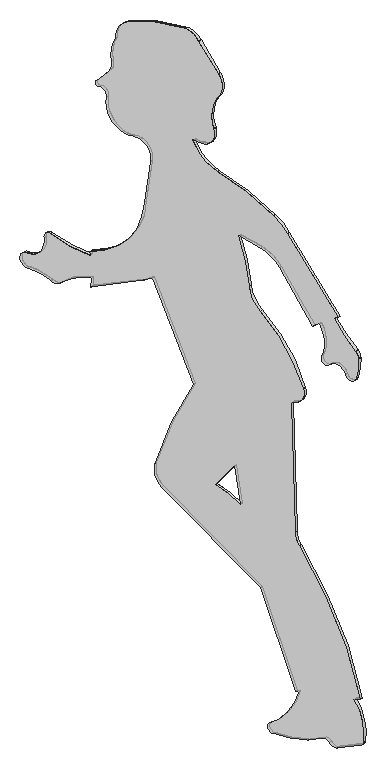
Revit family "ADSK_Антураж_БегущийРебенок", category Антураж, Revit 2019
Family settings
  На основе рабочей плоскости = Нет
  Всегда вертикально = Да
  При загрузке вырезать с полостями = Нет
  Источник визуального образа = Геометрия семейства
  Общий = Нет
  Точка расчета площади = Нет
Parameters (values of type "Тип")
  Показать чертеж [instance] = yes
  Высота = 0 mm
  Материал = Антураж
  ADSK_Версия семейства = "1.0"  # constant formula
  ADSK_Версия Revit = "v2019"  # constant formula
Reference planes
  plane 1 "Center (Front/Back)": y = 0
  plane 2: z = 0
  plane 3 "Center (Left/Right)": x = 0
  plane 4: z = 1600
  plane 5: z = 1800
Forms (mm)
  Extrusion 1, solid, material "Антураж" <- "Материал"
    sketch origin (0, 0, 0) x (1, 0, 0) y (0, 0, 1)
      loop
        arc (75.073, 329.082) -> (75.081, 431.401) -> (67.746, 533.457) r 1424.919
        arc (67.746, 533.457) -> (73.532, 535.797) -> (79.299, 538.185) r 753.081
        arc (79.299, 538.185) -> (89.571, 548.74) -> (89.54, 563.468) r 19.513
        arc (89.54, 563.468) -> (58.41, 617.357) -> (13.022, 659.937) r 212.822
        arc (13.022, 659.937) -> (-0.552, 674.356) -> (-7.123, 693.04) r 47.815
        arc (-7.123, 693.04) -> (-14.329, 730.406) -> (-26.017, 766.622) r 312.749
        line (-26.017, 766.622) -> (12.234, 760.328)
        arc (12.234, 760.328) -> (30.884, 753.692) -> (46.032, 740.951) r 55.668
        line (46.032, 740.951) -> (106.303, 668.334)
        arc (106.303, 668.334) -> (111.912, 672.438) -> (117.573, 676.47) r 544.351
        arc (117.573, 676.47) -> (126.558, 652.279) -> (121.879, 626.9) r 48.552
        arc (121.879, 626.9) -> (124.655, 616.216) -> (135.647, 617.244) r 8.517
        arc (135.647, 617.244) -> (151.16, 622.318) -> (163.727, 611.902) r 16.897
        arc (163.727, 611.902) -> (173.609, 605.24) -> (183.36, 612.089) r 10.509
        arc (183.36, 612.089) -> (187.391, 628.454) -> (187.978, 645.299) r 81.681
        arc (187.978, 645.299) -> (186.338, 651.13) -> (182.504, 655.816) r 14.823
        arc (182.504, 655.816) -> (162.242, 673.82) -> (144.164, 694.014) r 237.569
        arc (144.164, 694.014) -> (147.872, 696.288) -> (151.599, 698.532) r 544.351
        line (151.599, 698.532) -> (60.985, 800.782)
        arc (60.985, 800.782) -> (49.394, 811.655) -> (36.007, 820.222) r 86.366
        arc (36.007, 820.222) -> (-12.689, 841.38) -> (-63.784, 855.818) r 395.11
        arc (-63.784, 855.818) -> (-89.869, 868.074) -> (-107.556, 890.829) r 61.783
        arc (-107.556, 890.829) -> (-97.175, 890.254) -> (-86.838, 891.381) r 63.502
        arc (-86.838, 891.381) -> (-71.594, 902.581) -> (-70.37, 921.457) r 22.386
        arc (-70.37, 921.457) -> (-73.379, 949.621) -> (-61.744, 975.446) r 54.089
        arc (-61.744, 975.446) -> (-55.295, 994.167) -> (-62.659, 1012.549) r 28.374
        arc (-62.659, 1012.549) -> (-79.936, 1032.238) -> (-96.723, 1052.346) r 1063.134
        arc (-96.723, 1052.346) -> (-109.103, 1061.654) -> (-124.36, 1064.328) r 33.176
        arc (-124.36, 1064.328) -> (-175.325, 1056.095) -> (-223.92, 1038.664) r 280.593
        arc (-223.92, 1038.664) -> (-239.974, 1024.516) -> (-245.824, 1003.931) r 37.954
        arc (-245.824, 1003.931) -> (-253.249, 985.521) -> (-252.813, 965.674) r 49.314
        arc (-252.813, 965.674) -> (-253.027, 956.066) -> (-257.771, 947.708) r 19.657
        line (-257.771, 947.708) -> (-279.865, 924.872)
        arc (-279.865, 924.872) -> (-280.52, 919.099) -> (-275.109, 916.987) r 4.763
        arc (-275.109, 916.987) -> (-264.977, 914.617) -> (-261.758, 904.723) r 10.595
        arc (-261.758, 904.723) -> (-250.422, 868.618) -> (-213.856, 858.873) r 39.246
        arc (-213.856, 858.873) -> (-190.695, 852.688) -> (-183.549, 829.806) r 24.838
        arc (-183.549, 829.806) -> (-189.514, 795.741) -> (-193.597, 761.4) r 628.254
        arc (-193.597, 761.4) -> (-214.903, 702.611) -> (-262.574, 662.145) r 121.785
        line (-262.574, 662.145) -> (-290.883, 648.672)
        arc (-290.883, 648.672) -> (-290.462, 645.889) -> (-290.076, 643.101) r 230.127
        arc (-290.076, 643.101) -> (-325.885, 644.412) -> (-360.824, 652.366) r 191.625
        arc (-360.824, 652.366) -> (-369.571, 650.642) -> (-372.591, 642.254) r 9.045
        arc (-372.591, 642.254) -> (-379.567, 617.266) -> (-403.314, 606.818) r 30.324
        arc (-403.314, 606.818) -> (-415.774, 594.298) -> (-402.532, 582.607) r 12.133
        arc (-402.532, 582.607) -> (-381.239, 582.2) -> (-360.56, 577.107) r 95.954
        arc (-360.56, 577.107) -> (-350.683, 576.212) -> (-341.681, 580.372) r 19.153
        arc (-341.681, 580.372) -> (-316.488, 596.768) -> (-288.165, 606.831) r 127.849
        arc (-288.165, 606.831) -> (-288.484, 599.349) -> (-289.047, 591.88) r 230.127
        line (-289.047, 591.88) -> (-196.704, 635.225)
        arc (-196.704, 635.225) -> (-188.201, 639.599) -> (-180.036, 644.575) r 132.264
        line (-180.036, 644.575) -> (-106.191, 501.308)
        arc (-106.191, 501.308) -> (-146.172, 427.865) -> (-175.492, 349.552) r 596.608
        arc (-175.492, 349.552) -> (-174.753, 331.234) -> (-162.984, 317.177) r 28.422
        arc (-162.984, 317.177) -> (-76.119, 266.642) -> (12.053, 218.424) r 3796.736
        line (12.053, 218.424) -> (74.84, 74.777)
        arc (74.84, 74.777) -> (77.798, 75.334) -> (80.753, 75.899) r 1082.29
        arc (80.753, 75.899) -> (61.061, 38.006) -> (29.552, 9.182) r 122.433
        arc (29.552, 9.182) -> (25.8, -0.688) -> (34.312, -6.936) r 8.719
        arc (34.312, -6.936) -> (80.943, -0.299) -> (124.511, 17.594) r 190.174
        arc (124.511, 17.594) -> (130.233, 18.437) -> (135.043, 15.226) r 8.05
        arc (135.043, 15.226) -> (141.317, 10.698) -> (149.049, 10.98) r 11.911
        arc (149.049, 10.98) -> (171.219, 20.31) -> (192.758, 31.012) r 383.888
        arc (192.758, 31.012) -> (195.113, 33.099) -> (196.291, 36.02) r 6.858
        arc (196.291, 36.02) -> (194.461, 69.647) -> (179.328, 99.728) r 82.367
        arc (179.328, 99.728) -> (184.837, 101.352) -> (190.337, 103.005) r 1082.29
        arc (190.337, 103.005) -> (148.647, 213.124) -> (81.87, 310.102) r 489.541
        arc (81.87, 310.102) -> (76.594, 318.92) -> (75.073, 329.082) r 26.477
      loop
        arc (-66.947, 354.708) -> (-44.111, 348.548) -> (-22.342, 339.297) r 171.134
        arc (-22.342, 339.297) -> (-28.339, 368.121) -> (-33.819, 397.046) r 1646.825
        arc (-33.819, 397.046) -> (-49.602, 375.266) -> (-66.947, 354.708) r 364.77
    from 0 to 5
Lines and regions (mm)
  model lines
    curve 1: line (0, 150, 0) -> (0, -150, 0)
    curve 2: line (-150, 0, 0) -> (150, 0, 0)
Dimensions and locks
  aligned and locked: level to plane 2
